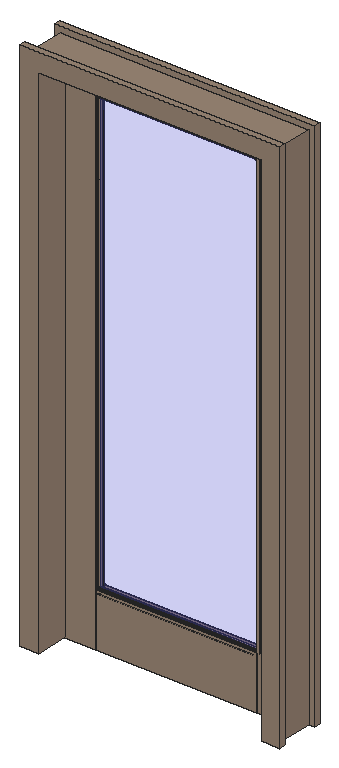
Revit family "Door-Exterior_Interior-Simpson-French-Full_Glass-Single", category Doors, host Wall, Revit 2012
Parameters (values of type "Refer to Catalog")
  Wood Species Note = "Available in Any Wood Species"
  Wood Species = "http://simpsondoor.com/e-catalog/#10"
  WaterBarrier with UltraBlock Technology = no
  WaterBarrier Note = "This Door Comes with The Option of WaterBarrier with UltraBlock Technology. It is Turn Off as a Default"
  Vertical Outside Muntin = no
  UltraBlock Option = yes
  UltraBlock Note = "This Door Comes with The Option of UltraBlock Technology. It is Turn On as a Default"
  URL = "http://www.simpsondoor.com/"
  Top Rail Height = 0' - 3 15/16"
  Top Muntin Offset = 1' - 0 1/8"
  Thickness Note = "comes in 1 3/4\" and 2 1/4\" Thickness. Default is set to 1 3/4\""
  Thickness = 0' - 1 3/4"
  Small Muntin Offset = 0' - 5 7/8"
  Rough Width = Width + 0' 4"  # 3' - 4"
  Rough Height = Height + 0' 2"  # 7' - 2"
  Product Page URL = "http://www.simpsondoor.com/door-products/search/results/?seriesID=30"
  Product Documentation Link = "http://www.simpsondoor.com/door-products/search/detail/?BaseSpecificationID=191"
  Prairie Offset = 0' - 6 1/8"
  Panel Stile Width = 0' - 5"
  Panel = Wood - Simpson Doors - Douglas Fir
  Ovolo Construction = yes
  Number of Vertical Outside Muntins = 0
  Number of Vertical Muntins = 0
  Number of Horizontal Outside Muntins = 0
  Number of Horizontal Muntins = 0
  Muntin Width = 0' - 0 1/2"
  Model = "7002"
  Middle Rail Height = 0' - 6 3/4"
  Middle Rail = no
  Mid Outside Rail = no
  Manufacturer = "Simpsons Door Company"
  Lower Vertical Prarie Muntin = no
  Horizontal Top Muntin = no
  Horizontal Outside Muntin = no
  Horizontal Mid Prarie Muntin 2 = no
  Horizontal Mid Prarie Muntin = no
  Glass Options = "http://simpsondoor.com/e-catalog/#12"
  Glass = Glass - Simpson Doors - Clear
  Function = Exterior
  Frame Type = Frame : Standard
  Frame Projection Ext. = 0' - 1"
  Frame Projection Int. = 0' - 1"
  Frame Width = 0' - 3"
  Height = 7' - 0"
  Wall Closure = By host
  Width = 3' - 0"
  Frame = Wood - Simpson Doors - Douglas Fir
  Description = "Exterior French - Single Lite"
  Construction Type = "Wood"
  Bottom Rail Height = 0' - 8 11/16"
  Bottom Panel Height = 1' - 11 1/4"
  Assembly Code = "B2030230"
  Arch Bottom Height = 0' - 6 15/16"
Reference planes (in)
  plane 1 "Center (Front/Back)": y = 0
  plane 2 "Center (Left/Right)": x = 0
  plane 3 "Left": x = -18
  plane 4 "Right": x = 18
  plane 5 "Top": z = 84
  plane 6 "Exterior": y = 3
  plane 7 "Interior": y = -3
Text (in)
  text "Exterior" at (-74.96733, 27.31104, 0), in view "Ref. Level"
  text "Interior" at (-74.96733, -25.14366, 0), in view "Ref. Level"
  text "Exterior" at (0, 40.15149, 123.01588), in view "Right"
  text "Interior" at (0, -64.39139, 123.01588), in view "Right"
  text "Interior" at (0, -31.01599, 123.00693), in view "Left"
  text "Exterior" at (0, 54.57065, 123.00693), in view "Left"
Dimensions and locks (in)
  equal spacing: plane 3 "Left", plane 2 "Center (Left/Right)", plane 4 "Right"
  "Height": level to plane 5 "Top"
  "Width": plane 3 "Left" to plane 4 "Right"
  aligned and locked: plane 6 "Exterior" to host wall
  aligned and locked: plane 7 "Interior" to host wall
  aligned and locked: nested 1 to plane 2 "Center (Left/Right)"
  aligned and locked: nested 1 to level
  aligned and locked: plane 2 "Center (Left/Right)" to nested 2
  aligned and locked: level to nested 2
  aligned and locked: nested 3 to plane 2 "Center (Left/Right)"
  aligned and locked: nested 2 to plane 6 "Exterior"
Nested families (in)
  nested 1: "Frame" at (0, 0, 0), type <- "Frame Type", type "Standard"
  nested 2: "French Full Glass" at (0, 2.125, 0), type "Panel"
  nested 3: "Single Swing Door" at (0, 0, 0) x (-1, 0, 0) z (0, 0, 1), type "Swing"
Definition of nested family "Frame"
  Parameters (values of type "Standard")
    Rough Width = Width + 0' 4"  # 3' - 4"
    Rough Height = Height + 0' 2"  # 7' - 2"
    Function = (empty or 0)
    Frame Projection Ext. = 0' - 1"
    Frame Projection Int. = Frame Projection Ext.  # 0' - 1"
    Frame Width = 0' - 3"
    Height = 7' - 0"
    Wall Closure = (empty or 0)
    Width = 3' - 0"
    Frame = Wood - Simpson Doors - Douglas Fir
  Reference planes (in)
    plane 1 "Center (Front/Back)": y = 0
    plane 2 "Center (Left/Right)": x = 0
    plane 3 "Left": x = -18
    plane 4 "Right": x = 18
    plane 5 "Top": z = 84
    plane 6 "Exterior": y = 3
    plane 7 "Interior": y = -3
    plane 8: x = -21
    plane 9: x = 21
    plane 10: x = -20
    plane 11: x = 20
    plane 12: z = 86
    plane 13 "Bottom": z = 0
  Forms (in)
    Extrusion 1, solid, material "Wood - Simpson Doors - Douglas Fir" <- "Frame"
      sketch origin (-90, 3, 0) x (-1, 0, 0) y (0, 0, 1)
        loop
          line (-108, 84) -> (-72, 84) -> (-72, 0) -> (-69, 0) -> (-69, 87) -> (-111, 87) -> (-111, 0) -> (-108, 0) -> (-108, 84)
      from 0 to 1
    Extrusion 2, solid, material "Wood - Simpson Doors - Douglas Fir" <- "Frame"
      sketch origin (-90, -3, 0) x (1, 0, 0) y (0, 0, 1)
        loop
          line (72, 0) -> (72, 84) -> (108, 84) -> (108, 0) -> (111, 0) -> (111, 87) -> (69, 87) -> (69, 0) -> (72, 0)
      from 0 to 1
    Sweep 3, solid, material "Wood - Simpson Doors - Douglas Fir" <- "Frame"
      path in 3D
        loop
          line (18, 4, 0) -> (18, 4, 84) -> (-18, 4, 84) -> (-18, 4, 0)
      profile origin (-18, 4, 42) x (1, 0, 0) y (0, 1, 0)
        loop
          line (0, -7) -> (0, -1) -> (-2, -1) -> (-2, -7) -> (0, -7)
  Cuts and joins
    joined: Extrusion 1, Extrusion 2, Sweep 3
  Lines and regions (in)
    Opening 1
      outline origin (-90, -3, 0) x (1, 0, 0) y (0, 0, 1)
        loop
          line (70, 0) -> (110, 0) -> (110, 86) -> (70, 86) -> (70, 0)
    Masking region 1, detail levels medium+fine
      outline origin (0, 0, 0) x (1, 0, 0) y (0, 1, 0)
        loop
          line (-18, 4) -> (-21, 4) -> (-21, 3) -> (-20, 3) -> (-20, -3) -> (-21, -3) -> (-21, -4) -> (-18, -4) -> (-18, 4)
        loop
          line (21, 4) -> (18, 4) -> (18, -4) -> (21, -4) -> (21, -3) -> (20, -3) -> (20, 3) -> (21, 3) -> (21, 4)
    Masking region 2, detail levels coarse
      outline origin (0, 0, 0) x (1, 0, 0) y (0, 1, 0)
        loop
          line (-18, 3) -> (-20, 3) -> (-20, -3) -> (-18, -3) -> (-18, 3)
        loop
          line (20, 3) -> (18, 3) -> (18, -3) -> (20, -3) -> (20, 3)
    sketch lines
      curve 1: line (-18, 4, 84) -> (-18, 4, 0)
      curve 2: line (18, 4, 84) -> (-18, 4, 84)
      curve 3: line (18, 4, 0) -> (18, 4, 84)
  Text (in)
    text "Exterior" at (-74.96733, 27.31104, 0), in view "Ref. Level"
    text "Interior" at (-74.96733, -25.14366, 0), in view "Ref. Level"
    text "Exterior" at (0, 40.15149, 123.01588), in view "Right"
    text "Interior" at (0, -64.39139, 123.01588), in view "Right"
    text "Interior" at (0, -31.01599, 123.00693), in view "Left"
    text "Exterior" at (0, 54.57065, 123.00693), in view "Left"
  Dimensions and locks (in)
    equal spacing: plane 3 "Left", plane 2 "Center (Left/Right)", plane 4 "Right"
    "Height": level to plane 5 "Top"
    "Frame Width": Extrusion 2 sketch curve to plane 3 "Left"
    "Frame Width": Extrusion 2 sketch curve to plane 4 "Right"
    "Frame Width": Extrusion 2 sketch curve to plane 5 "Top"
    "Frame Width": Extrusion 1 sketch curve to Extrusion 1 sketch curve  (x2)
    "Frame Width": Extrusion 1 sketch curve to plane 5 "Top"
    host wall to plane 5 "Top" = 7' - 0"
    "Frame Projection Int.": Extrusion 2 to host wall
    "Frame Projection Ext.": Extrusion 1 to host wall
    "Width": plane 3 "Left" to plane 4 "Right"
    "Frame Width": plane 8 to plane 3 "Left"
    "Frame Width": plane 4 "Right" to plane 9
    equal spacing: plane 10, plane 2 "Center (Left/Right)", plane 11
    "Rough Width": plane 10 to plane 11
    "Rough Height": level to plane 12
    aligned and locked: Opening 1 sketch curve to level
    aligned and locked: plane 5 "Top" to Extrusion 1 sketch curve  (x2)
    aligned and locked: plane 3 "Left" to Extrusion 1 sketch curve
    aligned and locked: Extrusion 1 sketch curve to plane 3 "Left"
    aligned and locked: level to Extrusion 1 sketch curve
    aligned and locked: plane 4 "Right" to Extrusion 1 sketch curve
    aligned and locked: Extrusion 1 to host wall
    aligned and locked: plane 3 "Left" to Extrusion 2 sketch curve
    aligned and locked: plane 5 "Top" to Extrusion 2 sketch curve  (x2)
    aligned and locked: plane 4 "Right" to Extrusion 2 sketch curve  (x2)
    aligned and locked: level to Extrusion 2 sketch curve
    aligned and locked: Extrusion 2 sketch curve to level
    aligned and locked: Extrusion 2 to host wall
    aligned and locked: plane 6 "Exterior" to host wall
    aligned and locked: plane 7 "Interior" to host wall
    aligned and locked: Opening 1 sketch curve to plane 11
    aligned and locked: plane 10 to Opening 1 sketch curve
    aligned and locked: Opening 1 sketch curve to plane 12
    aligned and locked: Sweep 3 sketch curve to plane 7 "Interior"
    aligned and locked: plane 13 "Bottom" to level
    aligned and locked: cut or joined group of Extrusion 1, Extrusion 2, Sweep 3 to Masking region 1 sketch curve  (x2)
    aligned and locked: Masking region 1 sketch curve to plane 3 "Left"
    aligned and locked: Masking region 1 sketch curve to plane 8  (x2)
    aligned and locked: Masking region 1 sketch curve to cut or joined group of Extrusion 1, Extrusion 2, Sweep 3  (x2)
    aligned and locked: Masking region 1 sketch curve to plane 7 "Interior"  (x2)
    aligned and locked: Masking region 1 sketch curve to plane 10
    aligned and locked: Masking region 1 sketch curve to plane 6 "Exterior"  (x2)
    aligned and locked: Masking region 1 sketch curve to plane 4 "Right"
    aligned and locked: plane 9 to Masking region 1 sketch curve  (x2)
    aligned and locked: plane 11 to Masking region 1 sketch curve
    aligned and locked: Masking region 2 sketch curve to plane 6 "Exterior"  (x2)
    aligned and locked: Masking region 2 sketch curve to plane 7 "Interior"  (x2)
    aligned and locked: Masking region 2 sketch curve to plane 3 "Left"
    aligned and locked: Masking region 2 sketch curve to plane 10
    aligned and locked: Masking region 2 sketch curve to plane 4 "Right"
    aligned and locked: plane 11 to Masking region 2 sketch curve
  Automatic sketch dimensions
    Extrusion 1 sketch curve to level = 0' - 0"
    Extrusion 2 sketch curve to level = 0' - 0"
    profile plane to Sweep 3 sketch curve = 0' - 1"
    profile plane to Sweep 3 sketch curve = 0' - 0"
    Sweep 3 sketch curve to profile plane = 0' - 2"
Definition of nested family "French Full Glass"
  Parameters (values of type "Panel")
    Window Width = Width - (Stile Width * 2)  # 2' - 2"
    Top Rail = 0' - 3 15/16"
    Window Thickness = 0' - 0 3/4"
    Top Muntin Offset = 1' - 0 1/8"
    Stile Width = 0' - 5"
    Window Height = Panel Height - Top Rail - Bottom Rail  # 5' - 11 3/8"
    Width = 3' - 0"
    Prarie Offest = 0' - 6 1/8"
    Muntin Small Length = 0' - 5 7/8"
    Muntin Medium Length = Window Width - (Muntin Small Length * 2)  # 1' - 2 1/4"
    Middle Rail Height = 0' - 6 3/4"
    Mid Outside Rail = no
    Lower Vertical Prarie Muntin = no
    Horizontal Top Muntin = no
    Horizontal Mid Prarie Muntin = no
    Horizontal Mid Praire Muntin 2 = no
    Bottom Rail = 0' - 8 11/16"
    Vertical Outside Muntins = no
    Shaker = not(Ovolo)  # no
    Panel Thickness = 0' - 1 3/4"
    Panel Material = Wood - Simpson Doors - Douglas Fir
    Panel Height = 7' - 0"
    Ovolo = yes
    Muntin Width = 0' - 0 1/2"
    Middle Rail = no
    Horizontal Outside Muntins = no
    Glass Material = Glass - Simpson Doors - Clear
    Bottom Panel Height = 1' - 11 1/4"
    Actual Number of Vertical Outside Muntins = # of Vertical Outside Muntins + 2  # 2
    Actual Number of Vertical Muntins = # of Vertical Muntins + 2  # 2
    Actual Number of Horizontal Outside Mutins = # of Horizontal Outside Muntins + 2  # 2
    Actual Number of Horizontal Muntins = # of Horizontal Muntins + 2  # 2
    # of Vertical Muntins = 0
    # of Horizontal Outside Muntins = 0
    # of Vertical Outside Muntins = 0
    # of Horizontal Muntins = 0
  Reference planes (in)
    plane 1 "Center (Front/Back)": y = 0
    plane 2 "Bottom": z = 0
    plane 3 "Center (Left/Right)": x = 0
    plane 4: x = -18
    plane 5 "Exterior": y = 0.875
    plane 6: x = 18
    plane 7 "Interior": y = -0.875
    plane 8: z = 84
    plane 9: x = 13
    plane 10: x = -13
    plane 11: z = 80.0625
    plane 12: z = 8.6875
    plane 13: y = -0.375
    plane 14: y = 0.375
    plane 15: z = 44.375
    plane 16: x = 7.125
    plane 17: x = -7.125
    plane 18: z = 6.9375
    plane 19: z = 2.9375
    plane 20: z = 81.8125
    plane 21: z = 31.9375
    plane 22: z = 42
    plane 23: z = 67.9375
    plane 24: z = 14.75
    plane 25: x = 10.0625
    plane 26: x = -10.0625
    plane 27: z = 45.0625
    plane 28: z = 38.9375
    plane 29: z = 74
    plane 30: z = 61.8125
    plane 31: z = 11.71875
  Forms (in)
    Extrusion 1, solid, material "Wood - Simpson Doors - Douglas Fir" <- "Panel Material"
      sketch origin (0, 0, 0) x (1, 0, 0) y (0, 0, 1)
        loop
          line (-18, 84) -> (-18, 0) -> (-13, 0) -> (-13, 84) -> (-18, 84)
        loop
          line (13, 84) -> (13, 0) -> (18, 0) -> (18, 84) -> (13, 84)
      from -0.875 to 0.875
    Extrusion 2, solid, material "Glass - Simpson Doors - Clear" <- "Glass Material"
      sketch origin (0, 0, 0) x (1, 0, 0) y (0, 0, 1)
        loop
          line (-13, 80.0625) -> (-13, 8.6875) -> (13, 8.6875) -> (13, 80.0625) -> (-13, 80.0625)
      from -0.375 to 0.375
    Extrusion 3, solid, material "Wood - Simpson Doors - Douglas Fir" <- "Panel Material"
      sketch origin (0, 0, 0) x (1, 0, 0) y (0, 0, 1)
        loop
          line (-13, 84) -> (-13, 80.0625) -> (13, 80.0625) -> (13, 84) -> (-13, 84)
        loop
          line (-13, 8.6875) -> (-13, 0) -> (13, 0) -> (13, 8.6875) -> (-13, 8.6875)
      from -0.875 to 0.875
  Lines and regions (in)
    symbolic lines, style "GenericModelHiddenLines"
      curve 1: line (-18, -0.875, 42) -> (18, -0.875, 0)
      curve 2: line (18, 0.875, 84) -> (-18, 0.875, 42)
      curve 3: line (-18, 0.875, 42) -> (18, 0.875, 0)
  Dimensions and locks (in)
    equal spacing: plane 5 "Exterior", plane 1 "Center (Front/Back)", plane 7 "Interior"
    equal spacing: plane 4, plane 3 "Center (Left/Right)", plane 6
    "Width": plane 4 to plane 6
    "Panel Thickness": plane 5 "Exterior" to plane 7 "Interior"
    "Panel Height": plane 8 to level
    "Stile Width": plane 10 to plane 4
    "Top Rail": plane 8 to plane 11
    "Window Width": plane 9 to plane 10
    equal spacing: plane 14, plane 1 "Center (Front/Back)", plane 13
    "Window Thickness": plane 14 to plane 13
    equal spacing: plane 11, plane 15, plane 12
    "Top Muntin Offset": plane 11 to plane 23
    locked: plane 24 to plane 12 at 6.0625
    "Bottom Rail": plane 12 to level
    "Muntin Small Length": plane 17 to plane 10
    "Muntin Small Length": plane 9 to plane 16
    plane 12 to plane 18 to plane 19 = 0' - 1 3/4" locked, 0' - 4" locked
    locked: plane 20 to plane 11 at 1.75
    "Bottom Panel Height": plane 21 to plane 12
    equal spacing: plane 8, plane 22, level
    equal spacing: plane 16, plane 25, plane 9
    equal spacing: plane 17, plane 26, plane 10
    group 2 to group 1 = 0' - 0"
    group 1 to group 2 = 0' - 0"
    group 2 to group 1 = 4' - 5 3/16"
    equal spacing: plane 27, plane 22, plane 28
    locked: plane 27 to plane 28 at 6.125
    equal spacing: plane 11, plane 29, plane 23
    group 3 to group 4 = 2' - 2 1/2"
    group 3 to group 4 = 0' - 0"  (x2)
    "Prarie Offest": plane 23 to plane 30
    equal spacing: plane 24, plane 31, plane 12
    group 5 to group 6 = 2' - 2 1/2"
    group 5 to group 6 = 0' - 0"  (x2)
    group 7 to group 8 = 0' - 0"  (x2)
    group 8 to group 7 = 4' - 5 3/16"
    group 9 to group 10 = 0' - 0"  (x2)
    group 10 to group 9 = 5' - 11 7/8"
    group 11 to group 12 = 2' - 2 1/2"
    group 11 to group 12 = 0' - 0"  (x2)
    aligned and locked: plane 2 "Bottom" to level
    aligned and locked: Extrusion 1 sketch curve to plane 4
    aligned and locked: Extrusion 1 sketch curve to plane 10
    aligned and locked: Extrusion 1 sketch curve to plane 9
    aligned and locked: Extrusion 1 sketch curve to plane 6
    aligned and locked: Extrusion 1 sketch curve to level  (x2)
    aligned and locked: plane 5 "Exterior" to Extrusion 1
    aligned and locked: Extrusion 1 to plane 7 "Interior"
    aligned and locked: Extrusion 2 sketch curve to plane 11
    aligned and locked: Extrusion 2 sketch curve to plane 9
    aligned and locked: Extrusion 2 sketch curve to plane 10
    aligned and locked: Extrusion 2 sketch curve to plane 12
    aligned and locked: Extrusion 2 to plane 14
    aligned and locked: Extrusion 2 to plane 13
    aligned and locked: nested 1 to plane 3 "Center (Left/Right)"
    aligned and locked: nested 4 to plane 17
    aligned and locked: nested 5 to plane 15
    aligned and locked: nested 4 to plane 15
    aligned and locked: nested 5 to plane 16
    aligned and locked: plane 3 "Center (Left/Right)" to nested 6
    aligned and locked: plane 6 to curve 1
    aligned and locked: plane 2 "Bottom" to curve 1
    aligned and locked: plane 8 to curve 2
    aligned and locked: plane 6 to curve 2
    aligned and locked: plane 22 to curve 3
    aligned and locked: plane 4 to curve 3
    aligned and locked: plane 6 to Extrusion 1
    aligned and locked: plane 6 to curve 3
    aligned and locked: plane 2 "Bottom" to curve 3
    aligned and locked: plane 8 to Extrusion 1
    aligned and locked: nested 6 to plane 21
    aligned and locked: plane 23 to nested 2
    aligned and locked: plane 24 to nested 3
    aligned and locked: plane 23 to nested 1
    aligned and locked: plane 25 to nested 2
    aligned and locked: nested 7 to plane 23
    aligned and locked: nested 8 to plane 24
    aligned and locked: nested 7 to plane 26
    aligned and locked: plane 11 to nested 9
    aligned and locked: plane 3 "Center (Left/Right)" to nested 9
    aligned and locked: plane 27 to nested 11
    aligned and locked: nested 10 to plane 27
    aligned and locked: nested 13 to plane 28
    aligned and locked: plane 28 to nested 12
    aligned and locked: plane 26 to nested 13
    aligned and locked: nested 11 to plane 26
    aligned and locked: plane 25 to nested 10
    aligned and locked: nested 12 to plane 25
    aligned and locked: plane 29 to nested 14
    aligned and locked: plane 10 to nested 14
    aligned and locked: nested 15 to plane 9
    aligned and locked: plane 29 to nested 15
    aligned and locked: plane 30 to nested 16
    aligned and locked: nested 16 to plane 3 "Center (Left/Right)"
    aligned and locked: plane 31 to nested 17
    aligned and locked: nested 17 to plane 10
    aligned and locked: plane 31 to nested 18
    aligned and locked: plane 9 to nested 18
    aligned and locked: plane 24 to nested 19
    aligned and locked: plane 25 to nested 19
    aligned and locked: nested 8 to plane 26
    aligned and locked: plane 23 to nested 20
    aligned and locked: plane 3 "Center (Left/Right)" to nested 20
    aligned and locked: nested 21 to plane 15
    aligned and locked: plane 10 to nested 21
    aligned and locked: plane 24 to nested 22
    aligned and locked: plane 3 "Center (Left/Right)" to nested 22
    aligned and locked: nested 23 to plane 12
    aligned and locked: plane 3 "Center (Left/Right)" to nested 23
    aligned and locked: nested 24 to plane 9
    aligned and locked: nested 24 to plane 15
    aligned and locked: Extrusion 1 sketch curve to plane 8  (x2)
    aligned and locked: Extrusion 3 sketch curve to plane 8
    aligned and locked: Extrusion 3 sketch curve to plane 11
    aligned and locked: Extrusion 3 sketch curve to plane 10  (x2)
    aligned and locked: Extrusion 3 sketch curve to plane 9  (x2)
    aligned and locked: Extrusion 3 sketch curve to level
    aligned and locked: Extrusion 3 sketch curve to plane 12
    aligned and locked: plane 5 "Exterior" to Extrusion 3
    aligned and locked: Extrusion 3 to plane 7 "Interior"
  Automatic sketch dimensions
    curve 1 to plane 4 = 0' - 0"
    curve 1 to plane 22 = 0' - 0"
    Extrusion 1 sketch curve to plane 8 = 0' - 0"
  Nested families (in)
    nested 1: "Muntin" at (0, -0.375, 67.9375) x (0, 0, -1) z (0, -1, 0), visible <- "Horizontal Mid Prarie Muntin", type "Horizontal Medium"
      with Muntin Length 1' - 2 1/4"
    nested 2: "Muntin" at (10.0625, -0.375, 67.9375) x (0, 0, -1) z (0, -1, 0), visible <- "Horizontal Outside Muntins", type "Horizontal Small"
      with Muntin Length 0' - 5 7/8"
    nested 3: "Muntin" at (0, -0.375, 14.75) x (0, 0, 1) z (0, -1, 0), visible <- "Horizontal Mid Prarie Muntin", type "Horizontal Medium"
      with Muntin Length 1' - 2 1/4"
    nested 4: "Muntin" at (-7.125, -0.375, 44.375) x (1, 0, 0) z (0, -1, 0), visible <- "Vertical Outside Muntins", type "Vertical"
      with Muntin Length 5' - 11 3/8"
    nested 5: "Muntin" at (7.125, -0.375, 44.375) x (1, 0, 0) z (0, -1, 0), visible <- "Vertical Outside Muntins", type "Vertical"
      with Muntin Length 5' - 11 3/8"
    nested 6: "Panel Divider-Nantucket" at (0, -0.375, 35.3125) x (0, 0, 1) z (0, -1, 0), visible <- "Middle Rail", type "Horizontal"
      with Divider Length 2' - 2"
    nested 7: "Muntin" at (-10.0625, -0.375, 67.9375) x (0, 0, -1) z (0, -1, 0), visible <- "Horizontal Outside Muntins", type "Horizontal Small"
      with Muntin Length 0' - 5 7/8"
    nested 8: "Muntin" at (-10.0625, -0.375, 14.75) x (0, 0, -1) z (0, -1, 0), visible <- "Horizontal Outside Muntins", type "Horizontal Small"
      with Muntin Length 0' - 5 7/8"
    nested 9: "Muntin" at (0, -0.375, 80.3125) x (0, 0, 1) z (0, -1, 0), type "Horizontal"
      with Muntin Length 2' - 2"
    nested 10: "Muntin" at (10.0625, -0.375, 45.0625) x (0, 0, -1) z (0, -1, 0), visible <- "Mid Outside Rail", type "Horizontal Small"
      with Muntin Length 0' - 5 7/8"
    nested 11: "Muntin" at (-10.0625, -0.375, 45.0625) x (0, 0, -1) z (0, -1, 0), visible <- "Mid Outside Rail", type "Horizontal Small"
      with Muntin Length 0' - 5 7/8"
    nested 12: "Muntin" at (10.0625, -0.375, 38.9375) x (0, 0, 1) z (0, -1, 0), visible <- "Mid Outside Rail", type "Horizontal Small"
      with Muntin Length 0' - 5 7/8"
    nested 13: "Muntin" at (-10.0625, -0.375, 38.9375) x (0, 0, 1) z (0, -1, 0), visible <- "Mid Outside Rail", type "Horizontal Small"
      with Muntin Length 0' - 5 7/8"
    nested 14: "Muntin" at (-13.25, -0.375, 74) x (1, 0, 0) z (0, -1, 0), type "Vertical Small"
    nested 15: "Muntin" at (13.25, -0.375, 74) x (1, 0, 0) z (0, -1, 0), type "Vertical Small"
    nested 16: "Muntin" at (0, -0.375, 61.8125) x (0, 0, -1) z (0, -1, 0), visible <- "Horizontal Mid Praire Muntin 2", type "Horizontal Medium"
      with Muntin Length 1' - 2 1/4"
    nested 17: "Muntin" at (-13.25, -0.375, 11.71875) x (1, 0, 0) z (0, -1, 0), visible <- "Lower Vertical Prarie Muntin", type "Vertical Small"
    nested 18: "Muntin" at (13.25, -0.375, 11.71875) x (1, 0, 0) z (0, -1, 0), visible <- "Lower Vertical Prarie Muntin", type "Vertical Small"
    nested 19: "Muntin" at (10.0625, -0.375, 14.75) x (0, 0, -1) z (0, -1, 0), visible <- "Horizontal Outside Muntins", type "Horizontal Small"
      with Muntin Length 0' - 5 7/8"
    nested 20: "Muntin" at (0, -0.375, 67.9375) x (0, 0, 1) z (0, -1, 0), visible <- "Horizontal Top Muntin", type "Horizontal"
      with Muntin Length 2' - 2"
    nested 21: "Muntin" at (-13.25, -0.375, 44.375) x (1, 0, 0) z (0, -1, 0), type "Vertical"
      with Muntin Length 5' - 11 3/8"
    nested 22: "Muntin" at (0, -0.375, 14.75) x (0, 0, 1) z (0, -1, 0), visible <- "Horizontal Outside Muntins", type "Horizontal"
      with Muntin Length 2' - 2"
    nested 23: "Muntin" at (0, -0.375, 8.4375) x (0, 0, 1) z (0, -1, 0), type "Horizontal"
      with Muntin Length 2' - 2"
    nested 24: "Muntin" at (13.25, -0.375, 44.375) x (1, 0, 0) z (0, -1, 0), type "Vertical"
      with Muntin Length 5' - 11 3/8"
  Definition of nested family "Muntin"
    Parameters (values of type "Vertical")
      Shaker = not(Ovolo)  # no
      Ovolo = yes
      Muntin Width = 0' - 0 1/2"
      Muntin Thickness = 0' - 0 31/64"
      Muntin Material = Wood - Simpson Doors - Douglas Fir
      Muntin Length = 5' - 11 1/8"
      Glass Thickness = 0' - 0 3/4"
      Default Elevation = 4' - 0"
    Types (5): name | Muntin Thickness | Muntin Length
      Horizontal | 0' - 0 15/32" | 2' - 3 3/4"
      Vertical | 0' - 0 31/64" | 5' - 11 1/8"
      Vertical Small | 0' - 0 27/64" | 1' - 0 1/8"
      Horizontal Medium | 0' - 0 3/8" | 1' - 3 5/8"
      Horizontal Small | 0' - 0 3/8" | 0' - 6 1/16"
    Reference planes (in)
      plane 1 "Center (Front/Back)": y = 0
      plane 2: z = 0
      plane 3 "Center (Left/Right)": x = 0
      plane 4: z = -0.75
      plane 5: y = 35.5625
      plane 6: y = -35.5625
      plane 7: x = 0.53125
      plane 8: x = -0.53125
      plane 9: x = -0.25
      plane 10: x = 0.25
      plane 11: z = 0.11903
      plane 12: z = 0.34
      plane 13: z = -0.375
      plane 14: z = -0.86903
      plane 15: z = -1.09
    Forms (in)
      Extrusion 1, solid
        sketch origin (0, 0, 0) x (1, 0, 0) y (0, 1, 0)
          loop
            line (-16, 48) -> (-16, -48) -> (10.231, -48) -> (10.231, 48) -> (-16, 48)
        from 0 to -1.88542
      Extrusion 2, solid, material "Wood - Simpson Doors - Douglas Fir" <- "Muntin Material", visible <- "Shaker", detail levels medium+fine
        sketch origin (0, 0, 0) x (1, 0, 0) y (0, 0, 1)
          loop
            line (-0.25, 0.48437) -> (-0.25, 0) -> (0.25, 0) -> (0.25, 0.48437) -> (-0.25, 0.48437)
          loop
            line (-0.25, -0.75) -> (-0.25, -1.23437) -> (0.25, -1.23437) -> (0.25, -0.75) -> (-0.25, -0.75)
        from -35.5625 to 35.5625
      Extrusion 3, solid, material "Wood - Simpson Doors - Douglas Fir" <- "Muntin Material", visible <- "Ovolo", detail levels medium+fine
        sketch origin (0, 0, 0) x (1, 0, 0) y (0, 0, 1)
          loop
            line (-0.25, 0.48437) -> (-0.25, 0.33875) -> (-0.3332, 0.32408)
            arc (-0.3332, 0.32408) -> (-0.38654, 0.29631) -> (-0.41431, 0.24296) r 0.1
            line (-0.41431, 0.24296) -> (-0.43639, 0.11778) -> (-0.48806, 0.11451)
            arc (-0.48806, 0.11451) -> (-0.50571, 0.10674) -> (-0.51499, 0.08983) r 0.03
            line (-0.51499, 0.08983) -> (-0.53083, 0) -> (0.53083, 0) -> (0.51499, 0.08983)
            arc (0.51499, 0.08983) -> (0.50571, 0.10674) -> (0.48806, 0.11451) r 0.03
            line (0.48806, 0.11451) -> (0.43639, 0.11903) -> (0.41431, 0.24421)
            arc (0.41431, 0.24421) -> (0.38654, 0.29756) -> (0.3332, 0.32533) r 0.1
            line (0.3332, 0.32533) -> (0.25, 0.34) -> (0.25, 0.48437) -> (-0.25, 0.48437)
          loop
            line (-0.25, -1.23437) -> (0.25, -1.23437) -> (0.25, -1.09) -> (0.3332, -1.07533)
            arc (0.3332, -1.07533) -> (0.38654, -1.04756) -> (0.41431, -0.99421) r 0.1
            line (0.41431, -0.99421) -> (0.43639, -0.86903) -> (0.48806, -0.86451)
            arc (0.48806, -0.86451) -> (0.50571, -0.85674) -> (0.51499, -0.83983) r 0.03
            line (0.51499, -0.83983) -> (0.53083, -0.75) -> (-0.53083, -0.75) -> (-0.51499, -0.83983)
            arc (-0.51499, -0.83983) -> (-0.50571, -0.85674) -> (-0.48806, -0.86451) r 0.03
            line (-0.48806, -0.86451) -> (-0.43639, -0.86778) -> (-0.41431, -0.99296)
            arc (-0.41431, -0.99296) -> (-0.38654, -1.04631) -> (-0.3332, -1.07408) r 0.1
            line (-0.3332, -1.07408) -> (-0.25, -1.08875) -> (-0.25, -1.23437)
        from -35.5625 to 35.5625
    Lines and regions (in)
      model lines, style "GenericModel", detail levels coarse
        curve 1: line (0, 35.5625, 0.48437) -> (0, -35.5625, 0.48437)
      model lines, detail levels coarse
        curve 2: line (0, 35.5625, -1.23437) -> (0, -35.5625, -1.23437)
    Dimensions and locks (in)
      "Glass Thickness": level to plane 4
      equal spacing: Extrusion 2 sketch curve, plane 3 "Center (Left/Right)", Extrusion 2 sketch curve
      "Muntin Width": Extrusion 2 sketch curve to Extrusion 2 sketch curve
      "Muntin Thickness": Extrusion 2 sketch curve to level
      "Muntin Thickness": plane 4 to Extrusion 2 sketch curve
      equal spacing: plane 5, plane 1 "Center (Front/Back)", plane 6
      "Muntin Length": plane 5 to plane 6
      "Muntin Thickness": Extrusion 3 sketch curve to plane 2
      plane 12 to plane 11 to plane 2 = 0' - 0.22097" locked, 0' - 0.11903" locked
      equal spacing: plane 2, plane 13, plane 4
      locked: plane 15 to plane 14 at 0.22097
      plane 4 to Extrusion 3 sketch curve to Extrusion 3 sketch curve = 0' - 0.11778" locked, 0' - 0.22097" locked
      "Muntin Thickness": plane 4 to Extrusion 3 sketch curve
      locked: plane 10 to plane 7 at 0.28125
      locked: plane 8 to plane 9 at 0.28125
      equal spacing: plane 9, plane 3 "Center (Left/Right)", plane 10
      "Muntin Width": plane 10 to plane 9
      aligned and locked: plane 2 to Extrusion 1
      aligned and locked: level to Extrusion 1
      aligned and locked: Extrusion 2 sketch curve to Extrusion 2 sketch curve  (x2)
      aligned and locked: plane 5 to Extrusion 2
      aligned and locked: Extrusion 2 to plane 6
      aligned and locked: plane 2 to Extrusion 3 sketch curve
      aligned and locked: plane 5 to Extrusion 3
      aligned and locked: Extrusion 3 to plane 6
      aligned and locked: plane 9 to Extrusion 3
      aligned and locked: plane 10 to Extrusion 3
      aligned and locked: plane 12 to Extrusion 3 sketch curve
      aligned and locked: plane 11 to Extrusion 3 sketch curve
      aligned and locked: plane 4 to Extrusion 3 sketch curve
      aligned and locked: plane 15 to Extrusion 3 sketch curve
      aligned and locked: plane 14 to Extrusion 3 sketch curve
      aligned and locked: plane 6 to curve 1
      aligned and locked: curve 1 to plane 3 "Center (Left/Right)"
      aligned and locked: plane 5 to curve 1
      aligned and locked: curve 2 to plane 3 "Center (Left/Right)"
      aligned and locked: plane 6 to curve 2
      aligned and locked: plane 5 to curve 2
    Automatic sketch dimensions
      Extrusion 1 sketch curve to Extrusion 1 sketch curve = 2' - 2.231"
      Extrusion 1 sketch curve to Extrusion 1 sketch curve = 8' - 0"
      Extrusion 2 sketch curve to plane 4 = 0' - 0"
      Extrusion 2 sketch curve to level = 0' - 0"
      Extrusion 3 sketch curve to plane 9 = 0' - 0"  (x2)
      plane 10 to Extrusion 3 sketch curve = 0' - 0"  (x2)
      Extrusion 3 sketch curve to plane 9 = 0' - 0.06583"  (x2)
      Extrusion 3 sketch curve to plane 12 = 0' - 0.01592"
      Extrusion 3 sketch curve to plane 9 = 0' - 0.0832"  (x2)
      Extrusion 3 sketch curve to plane 15 = 0' - 0.01592"
      Extrusion 3 sketch curve to Extrusion 3 sketch curve = 0' - 0.09848"  (x5)
      Extrusion 3 sketch curve to plane 11 = 0' - 0.00125"
      plane 8 to Extrusion 3 sketch curve = 0' - 0.09486"  (x2)
      plane 8 to Extrusion 3 sketch curve = 0' - 0.0458"  (x2)
      Extrusion 3 sketch curve to plane 14 = 0' - 0.00452"  (x2)
      Extrusion 3 sketch curve to Extrusion 3 sketch curve = 0' - 0.00261"  (x4)
      Extrusion 3 sketch curve to plane 11 = 0' - 0.00452"  (x2)
      plane 8 to Extrusion 3 sketch curve = 0' - 0.01626"  (x2)
      plane 8 to Extrusion 3 sketch curve = 0' - 0.00042"  (x2)
      Extrusion 3 sketch curve to plane 10 = 0' - 0.06583"  (x2)
      Extrusion 3 sketch curve to plane 12 = 0' - 0.01467"
      Extrusion 3 sketch curve to plane 10 = 0' - 0.0832"  (x2)
      Extrusion 3 sketch curve to plane 15 = 0' - 0.01467"
      Extrusion 3 sketch curve to plane 12 = 0' - 0.09579"
      plane 7 to Extrusion 3 sketch curve = 0' - 0.09486"  (x2)
      plane 7 to Extrusion 3 sketch curve = 0' - 0.0458"  (x2)
      plane 7 to Extrusion 3 sketch curve = 0' - 0.01626"  (x2)
      plane 7 to Extrusion 3 sketch curve = 0' - 0.00042"  (x2)
      Extrusion 3 sketch curve to Extrusion 3 sketch curve = 0' - 0.08112"  (x2)
      Extrusion 3 sketch curve to plane 14 = 0' - 0.0292"  (x2)
      Extrusion 3 sketch curve to Extrusion 3 sketch curve = 0' - 0.02989"  (x2)
      Extrusion 3 sketch curve to plane 12 = 0' - 0.00125"
  Definition of nested family "Panel Divider-Nantucket"
    Parameters (values of type "Horizontal")
      Small Rail = not(Large Rail)  # yes
      Shaker = not(Ovolo)  # no
      Panel Thickness = 0' - 0 3/4"
      Ovolo = yes
      Muntin Material = Wood - Simpson Doors - Douglas Fir
      Large Rail = Divider Width = 0' 6 1/2"  # no
      Door Thickness = 0' - 1 3/4"
      Divider Width = 0' - 6 3/4"
      Divider Thickness = (Door Thickness - Panel Thickness) / 2  # 0' - 0 1/2"
      Divider Length = 2' - 3 3/4"
      Default Elevation = 0' - 0"
    Reference planes (in)
      plane 1 "Center (Front/Back)": y = 0
      plane 2: z = 0
      plane 3 "Center (Left/Right)": x = 0
      plane 4: z = -0.75
      plane 5: y = 13.875
      plane 6: y = -13.875
      plane 7: x = 3.375
      plane 8: x = -3.375
      plane 9: x = 3.65583
      plane 10: x = -3.65583
    Forms (in)
      Extrusion 1, solid
        sketch origin (0, 0, 0) x (1, 0, 0) y (0, 1, 0)
          loop
            line (-48, 48) -> (-48, -48) -> (48, -48) -> (48, 48) -> (-48, 48)
        from 0 to -1.88542
      Extrusion 2, solid, material "Wood - Simpson Doors - Douglas Fir" <- "Muntin Material", visible <- "Ovolo"
        sketch origin (0, 0, 0) x (1, 0, 0) y (0, 0, 1)
          loop
            line (-3.375, 0.5) -> (-3.375, 0.34) -> (-3.4582, 0.32533)
            arc (-3.4582, 0.32533) -> (-3.51154, 0.29756) -> (-3.53931, 0.24421) r 0.1
            line (-3.53931, 0.24421) -> (-3.56139, 0.11903) -> (-3.61306, 0.11451)
            arc (-3.61306, 0.11451) -> (-3.63071, 0.10674) -> (-3.63999, 0.08983) r 0.03
            line (-3.63999, 0.08983) -> (-3.65583, 0) -> (3.65583, 0) -> (3.63999, 0.08983)
            arc (3.63999, 0.08983) -> (3.63071, 0.10674) -> (3.61306, 0.11451) r 0.03
            line (3.61306, 0.11451) -> (3.56139, 0.11903) -> (3.53931, 0.24421)
            arc (3.53931, 0.24421) -> (3.51154, 0.29756) -> (3.4582, 0.32533) r 0.1
            line (3.4582, 0.32533) -> (3.375, 0.34) -> (3.375, 0.5) -> (-3.375, 0.5)
          loop
            line (-3.65583, -0.75) -> (-3.63999, -0.83983)
            arc (-3.63999, -0.83983) -> (-3.63071, -0.85674) -> (-3.61306, -0.86451) r 0.03
            line (-3.61306, -0.86451) -> (-3.56139, -0.86903) -> (-3.53931, -0.99421)
            arc (-3.53931, -0.99421) -> (-3.51154, -1.04756) -> (-3.4582, -1.07533) r 0.1
            line (-3.4582, -1.07533) -> (-3.375, -1.09) -> (-3.375, -1.25) -> (3.375, -1.25) -> (3.375, -1.09) -> (3.4582, -1.07533)
            arc (3.4582, -1.07533) -> (3.51154, -1.04756) -> (3.53931, -0.99421) r 0.1
            line (3.53931, -0.99421) -> (3.56139, -0.86903) -> (3.61306, -0.86451)
            arc (3.61306, -0.86451) -> (3.63071, -0.85674) -> (3.63999, -0.83983) r 0.03
            line (3.63999, -0.83983) -> (3.65583, -0.75) -> (-3.65583, -0.75)
        from -13.875 to 13.875
      Extrusion 3, solid, material "Wood - Simpson Doors - Douglas Fir" <- "Muntin Material", visible <- "Shaker"
        sketch origin (0, 0, 0) x (1, 0, 0) y (0, 0, 1)
          loop
            line (-3.375, 0.5) -> (-3.375, 0) -> (3.375, 0) -> (3.375, 0.5) -> (-3.375, 0.5)
          loop
            line (-3.375, -0.75) -> (-3.375, -1.25) -> (3.375, -1.25) -> (3.375, -0.75) -> (-3.375, -0.75)
        from -13.875 to 13.875
    Dimensions and locks (in)
      "Panel Thickness": level to plane 4
      "Divider Thickness": Extrusion 2 sketch curve to level
      "Divider Thickness": plane 4 to Extrusion 2 sketch curve
      equal spacing: plane 5, plane 1 "Center (Front/Back)", plane 6
      "Divider Length": plane 5 to plane 6
      "Divider Thickness": Extrusion 3 sketch curve to Extrusion 3 sketch curve
      "Divider Thickness": plane 4 to Extrusion 3 sketch curve
      equal spacing: plane 7, plane 3 "Center (Left/Right)", plane 8
      "Divider Width": plane 7 to plane 8
      locked: plane 10 to plane 8 at 0.28083
      locked: plane 7 to plane 9 at 0.28083
      Extrusion 2 sketch curve to Extrusion 2 sketch curve to Extrusion 2 sketch curve to Extrusion 2 sketch curve to Extrusion 2 sketch curve to Extrusion 2 sketch curve = 0' - 0.0832" locked, 0' - 0.08112" locked, 0' - 0.02207" locked, 0' - 0.05168" locked, 0' - 0.04277" locked  (x4)
      plane 4 to Extrusion 2 sketch curve to Extrusion 2 sketch curve to Extrusion 2 sketch curve to Extrusion 2 sketch curve to Extrusion 2 sketch curve to Extrusion 2 sketch curve = 0' - 0 23/256" locked, 0' - 0.02468" locked, 0' - 0.00452" locked, 0' - 0.12519" locked, 0' - 0.08112" locked, 0' - 0.01467" locked  (x2)
      "Door Thickness": Extrusion 3 to Extrusion 3
      plane 2 to Extrusion 2 sketch curve to Extrusion 2 sketch curve to Extrusion 2 sketch curve to Extrusion 2 sketch curve to Extrusion 2 sketch curve to Extrusion 2 sketch curve = 0' - 0 23/256" locked, 0' - 0.02468" locked, 0' - 0.00452" locked, 0' - 0.12519" locked, 0' - 0.08112" locked, 0' - 0.01467" locked  (x2)
      aligned and locked: plane 2 to Extrusion 1
      aligned and locked: level to Extrusion 1
      aligned and locked: plane 5 to Extrusion 2
      aligned and locked: Extrusion 2 to plane 6
      aligned and locked: Extrusion 3 sketch curve to Extrusion 3 sketch curve  (x2)
      aligned and locked: plane 5 to Extrusion 3
      aligned and locked: Extrusion 3 to plane 6
      aligned and locked: Extrusion 3 to Extrusion 2  (x2)
      aligned and locked: plane 7 to Extrusion 3 sketch curve
      aligned and locked: plane 8 to Extrusion 3 sketch curve
    Automatic sketch dimensions
      Extrusion 1 sketch curve to Extrusion 1 sketch curve = 8' - 0"  (x2)
      plane 10 to Extrusion 2 sketch curve = 0' - 0"  (x2)
      Extrusion 2 sketch curve to plane 4 = 0' - 0"
      Extrusion 2 sketch curve to plane 7 = 0' - 0"  (x2)
      Extrusion 2 sketch curve to plane 10 = 0' - 0.01584"  (x2)
      Extrusion 2 sketch curve to Extrusion 2 sketch curve = 0' - 0.02954"  (x2)
      Extrusion 2 sketch curve to plane 8 = 0' - 0.06583"  (x2)
      plane 7 to Extrusion 2 sketch curve = 0' - 0.06583"  (x2)
      Extrusion 2 sketch curve to Extrusion 2 sketch curve = 0' - 0.00261"  (x2)
      Extrusion 2 sketch curve to plane 9 = 0' - 0.01584"  (x2)
      level to Extrusion 2 sketch curve = 0' - 0"
      Extrusion 3 sketch curve to plane 4 = 0' - 0"
      Extrusion 3 sketch curve to level = 0' - 0"
Definition of nested family "Single Swing Door"
  Parameters (values of type "Swing")
    Width = 3' - 0"
    Thickness = 0' - 1 3/4"
    Side Offset = 0' - 5"
    Height = 7' - 0"
    Frame Projection Ext. = 0' - 1"
    Frame Projection Int. = 0' - 1"
    Frame Width = 0' - 3"
    Wall Closure = (empty or 0)
  Reference planes (in)
    plane 1 "Center (Front/Back)": y = 0
    plane 2 "Center (Left/Right)": x = 0
    plane 3 "Left": x = -18
    plane 4 "Right": x = 18
    plane 5 "Exterior": y = 3
    plane 6 "Interior": y = -3
    plane 7 "Outside Interior": y = -4
  Lines and regions (in)
    symbolic lines
      curve 1: line (18, -3, 0) -> (18, -39, 0)
      curve 2: line (18, -39, 0) -> (16.25, -39, 0)
      curve 3: line (16.25, -39, 0) -> (16.25, -3, 0)
      curve 4: line (16.25, -3, 0) -> (18, -3, 0)
      curve 5: arc (18, -39, 0) -> (-7.45584, -28.45584, 0) -> (-18, -3, 0) r 36
    symbolic lines, detail levels medium+fine
      curve 6: line (16.25, -34, 0) -> (18, -34, 0)
      curve 7: line (16.25, -8, 0) -> (18, -8, 0)
      curve 8: line (17.125, -8, 0) -> (17.125, -34, 0)
  Text (in)
    text "Exterior" at (-74.96733, 27.31104, 0), in view "Ref. Level"
    text "Interior" at (-74.96733, -25.14366, 0), in view "Ref. Level"
    text "Exterior" at (0, 40.15149, 123.01588), in view "Right"
    text "Interior" at (0, -64.39139, 123.01588), in view "Right"
    text "Interior" at (0, -31.01599, 123.00693), in view "Left"
    text "Exterior" at (0, 54.57065, 123.00693), in view "Left"
  Dimensions and locks (in)
    equal spacing: plane 3 "Left", plane 2 "Center (Left/Right)", plane 4 "Right"
    "Width": curve 2 to plane 6 "Interior"
    "Thickness": curve 3 to curve 1
    locked: plane 7 "Outside Interior" to plane 6 "Interior" at 1
    "Side Offset": curve 6 to curve 2
    "Side Offset": curve 7 to host wall
    "Width": plane 3 "Left" to plane 4 "Right"
    aligned and locked: plane 5 "Exterior" to host wall
    aligned and locked: plane 6 "Interior" to host wall
    aligned and locked: plane 6 "Interior" to curve 4
    aligned and locked: plane 6 "Interior" to curve 5
    aligned and locked: plane 4 "Right" to curve 5
    aligned and locked: curve 7 to curve 8
    aligned and locked: curve 6 to curve 8
    aligned and locked: curve 3 to curve 7
    aligned and locked: curve 1 to curve 7
  Automatic sketch dimensions
    curve 6 to curve 8 = 0' - 0 7/8"
